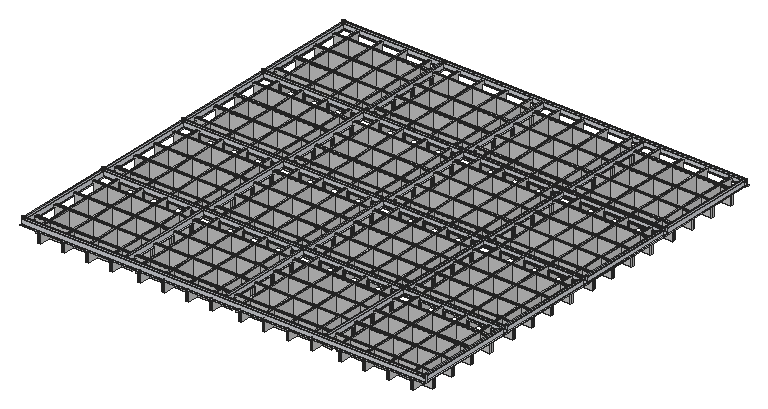
Revit family "GRD-WFL-001_RFA", category Modelos genéricos, Revit 2022 (continued)
Forms (in)
  Extrusion 477, solid, not visible
    sketch origin (-32.38338, 0.00149, -1.20924) x (0, 1, 0) y (0, 0, -1)
      loop
        line (0.96881, 1.14538) -> (0.96881, -1.85462) -> (0.65631, -1.85462) -> (0.65631, -2.35462) -> (0.96881, -2.35462) -> (3.48948, -2.35462) -> (3.48948, -0.60462) -> (4.19814, -0.60462) -> (4.19814, -2.35462) -> (9.23948, -2.35462) -> (9.23948, -0.60462) -> (9.94814, -0.60462) -> (9.94814, -2.35462) -> (14.98948, -2.35462) -> (14.98948, -0.60462) -> (15.69814, -0.60462) -> (15.69814, -2.35462) -> (20.73948, -2.35462) -> (20.73948, -0.60462) -> (21.44814, -0.60462) -> (21.44814, -2.35462) -> (24.28131, -2.35462) -> (24.28131, -1.85462) -> (23.96881, -1.85462) -> (23.96881, 1.14538) -> (0.96881, 1.14538)
    from -3.96341 to -3.49097
  Extrusion 478, solid, not visible
    sketch origin (-26.63338, 0.00149, -1.20924) x (0, 1, 0) y (0, 0, -1)
      loop
        line (0.96881, 1.14538) -> (0.96881, -1.85462) -> (0.65631, -1.85462) -> (0.65631, -2.35462) -> (0.96881, -2.35462) -> (3.48948, -2.35462) -> (3.48948, -0.60462) -> (4.19814, -0.60462) -> (4.19814, -2.35462) -> (9.23948, -2.35462) -> (9.23948, -0.60462) -> (9.94814, -0.60462) -> (9.94814, -2.35462) -> (14.98948, -2.35462) -> (14.98948, -0.60462) -> (15.69814, -0.60462) -> (15.69814, -2.35462) -> (20.73948, -2.35462) -> (20.73948, -0.60462) -> (21.44814, -0.60462) -> (21.44814, -2.35462) -> (24.28131, -2.35462) -> (24.28131, -1.85462) -> (23.96881, -1.85462) -> (23.96881, 1.14538) -> (0.96881, 1.14538)
    from -3.96341 to -3.49097
  Extrusion 479, solid
    sketch origin (-0.00019, 47.99851, 0) x (1, 0, 0) y (0, 0, 1)
      loop
        line (0.96881, 0.64538) -> (0.96881, -2.35462) -> (3.48948, -2.35462) -> (3.48948, -0.60462) -> (4.19814, -0.60462) -> (4.19814, -2.35462) -> (9.23948, -2.35462) -> (9.23948, -0.60462) -> (9.94814, -0.60462) -> (9.94814, -2.35462) -> (14.98948, -2.35462) -> (14.98948, -0.60462) -> (15.69814, -0.60462) -> (15.69814, -2.35462) -> (20.73948, -2.35462) -> (20.73948, -0.60462) -> (21.44814, -0.60462) -> (21.44814, -2.35462) -> (23.96881, -2.35462) -> (23.96881, 0.64538) -> (24.28131, 0.64538) -> (24.28131, 1.14538) -> (0.65631, 1.14538) -> (0.65631, 0.64538) -> (0.96881, 0.64538)
    from -3.60908 to -3.49097
  Extrusion 480, solid
    sketch origin (-0.00019, 47.99851, 0) x (1, 0, 0) y (0, 0, 1)
      loop
        line (0.96881, 0.64538) -> (0.96881, -2.35462) -> (3.48948, -2.35462) -> (3.48948, -0.60462) -> (4.19814, -0.60462) -> (4.19814, -2.35462) -> (9.23948, -2.35462) -> (9.23948, -0.60462) -> (9.94814, -0.60462) -> (9.94814, -2.35462) -> (14.98948, -2.35462) -> (14.98948, -0.60462) -> (15.69814, -0.60462) -> (15.69814, -2.35462) -> (20.73948, -2.35462) -> (20.73948, -0.60462) -> (21.44814, -0.60462) -> (21.44814, -2.35462) -> (23.96881, -2.35462) -> (23.96881, 0.64538) -> (24.28131, 0.64538) -> (24.28131, 1.14538) -> (0.65631, 1.14538) -> (0.65631, 0.64538) -> (0.96881, 0.64538)
    from -4.08152 to -3.60908
  Extrusion 481, solid
    sketch origin (-0.00019, 47.99851, 0) x (1, 0, 0) y (0, 0, 1)
      loop
        line (0.96881, 0.64538) -> (0.96881, -2.35462) -> (3.48948, -2.35462) -> (3.48948, -0.60462) -> (4.19814, -0.60462) -> (4.19814, -2.35462) -> (9.23948, -2.35462) -> (9.23948, -0.60462) -> (9.94814, -0.60462) -> (9.94814, -2.35462) -> (14.98948, -2.35462) -> (14.98948, -0.60462) -> (15.69814, -0.60462) -> (15.69814, -2.35462) -> (20.73948, -2.35462) -> (20.73948, -0.60462) -> (21.44814, -0.60462) -> (21.44814, -2.35462) -> (23.96881, -2.35462) -> (23.96881, 0.64538) -> (24.28131, 0.64538) -> (24.28131, 1.14538) -> (0.65631, 1.14538) -> (0.65631, 0.64538) -> (0.96881, 0.64538)
    from -4.19963 to -4.08152
  Extrusion 482, solid
    sketch origin (-0.00168, 47.99999, -1.20924) x (0, 1, 0) y (0, 0, -1)
      loop
        line (0.96881, 1.14538) -> (0.96881, -1.85462) -> (0.65631, -1.85462) -> (0.65631, -2.35462) -> (0.96881, -2.35462) -> (3.48948, -2.35462) -> (3.48948, -0.60462) -> (4.19814, -0.60462) -> (4.19814, -2.35462) -> (9.23948, -2.35462) -> (9.23948, -0.60462) -> (9.94814, -0.60462) -> (9.94814, -2.35462) -> (14.98948, -2.35462) -> (14.98948, -0.60462) -> (15.69814, -0.60462) -> (15.69814, -2.35462) -> (20.73948, -2.35462) -> (20.73948, -0.60462) -> (21.44814, -0.60462) -> (21.44814, -2.35462) -> (24.28131, -2.35462) -> (24.28131, -1.85462) -> (23.96881, -1.85462) -> (23.96881, 1.14538) -> (0.96881, 1.14538)
    from -3.60908 to -3.49097
  Extrusion 483, solid
    sketch origin (0.11643, 47.99999, -1.20924) x (0, 1, 0) y (0, 0, -1)
      loop
        line (0.96881, 1.14538) -> (0.96881, -1.85462) -> (0.65631, -1.85462) -> (0.65631, -2.35462) -> (0.96881, -2.35462) -> (3.48948, -2.35462) -> (3.48948, -0.60462) -> (4.19814, -0.60462) -> (4.19814, -2.35462) -> (9.23948, -2.35462) -> (9.23948, -0.60462) -> (9.94814, -0.60462) -> (9.94814, -2.35462) -> (14.98948, -2.35462) -> (14.98948, -0.60462) -> (15.69814, -0.60462) -> (15.69814, -2.35462) -> (20.73948, -2.35462) -> (20.73948, -0.60462) -> (21.44814, -0.60462) -> (21.44814, -2.35462) -> (24.28131, -2.35462) -> (24.28131, -1.85462) -> (23.96881, -1.85462) -> (23.96881, 1.14538) -> (0.96881, 1.14538)
    from -3.96341 to -3.49097
  Extrusion 484, solid
    sketch origin (-0.00168, 47.99999, -1.20924) x (0, 1, 0) y (0, 0, -1)
      loop
        line (0.96881, 1.14538) -> (0.96881, -1.85462) -> (0.65631, -1.85462) -> (0.65631, -2.35462) -> (0.96881, -2.35462) -> (3.48948, -2.35462) -> (3.48948, -0.60462) -> (4.19814, -0.60462) -> (4.19814, -2.35462) -> (9.23948, -2.35462) -> (9.23948, -0.60462) -> (9.94814, -0.60462) -> (9.94814, -2.35462) -> (14.98948, -2.35462) -> (14.98948, -0.60462) -> (15.69814, -0.60462) -> (15.69814, -2.35462) -> (20.73948, -2.35462) -> (20.73948, -0.60462) -> (21.44814, -0.60462) -> (21.44814, -2.35462) -> (24.28131, -2.35462) -> (24.28131, -1.85462) -> (23.96881, -1.85462) -> (23.96881, 1.14538) -> (0.96881, 1.14538)
    from -4.19963 to -4.08152
  Extrusion 485, solid
    sketch origin (-0.00019, 47.99851, 0) x (1, 0, 0) y (0, 0, 1)
      loop
        line (0.96881, 0.64538) -> (0.96881, -2.35462) -> (3.48948, -2.35462) -> (3.48948, -0.60462) -> (4.19814, -0.60462) -> (4.19814, -2.35462) -> (9.23948, -2.35462) -> (9.23948, -0.60462) -> (9.94814, -0.60462) -> (9.94814, -2.35462) -> (14.98948, -2.35462) -> (14.98948, -0.60462) -> (15.69814, -0.60462) -> (15.69814, -2.35462) -> (20.73948, -2.35462) -> (20.73948, -0.60462) -> (21.44814, -0.60462) -> (21.44814, -2.35462) -> (23.96881, -2.35462) -> (23.96881, 0.64538) -> (24.28131, 0.64538) -> (24.28131, 1.14538) -> (0.65631, 1.14538) -> (0.65631, 0.64538) -> (0.96881, 0.64538)
    from -9.94963 to -9.83152
  Extrusion 486, solid
    sketch origin (-0.00019, 47.99851, 0) x (1, 0, 0) y (0, 0, 1)
      loop
        line (0.96881, 0.64538) -> (0.96881, -2.35462) -> (3.48948, -2.35462) -> (3.48948, -0.60462) -> (4.19814, -0.60462) -> (4.19814, -2.35462) -> (9.23948, -2.35462) -> (9.23948, -0.60462) -> (9.94814, -0.60462) -> (9.94814, -2.35462) -> (14.98948, -2.35462) -> (14.98948, -0.60462) -> (15.69814, -0.60462) -> (15.69814, -2.35462) -> (20.73948, -2.35462) -> (20.73948, -0.60462) -> (21.44814, -0.60462) -> (21.44814, -2.35462) -> (23.96881, -2.35462) -> (23.96881, 0.64538) -> (24.28131, 0.64538) -> (24.28131, 1.14538) -> (0.65631, 1.14538) -> (0.65631, 0.64538) -> (0.96881, 0.64538)
    from -9.35908 to -9.24097
  Extrusion 487, solid
    sketch origin (-0.00019, 47.99851, 0) x (1, 0, 0) y (0, 0, 1)
      loop
        line (0.96881, 0.64538) -> (0.96881, -2.35462) -> (3.48948, -2.35462) -> (3.48948, -0.60462) -> (4.19814, -0.60462) -> (4.19814, -2.35462) -> (9.23948, -2.35462) -> (9.23948, -0.60462) -> (9.94814, -0.60462) -> (9.94814, -2.35462) -> (14.98948, -2.35462) -> (14.98948, -0.60462) -> (15.69814, -0.60462) -> (15.69814, -2.35462) -> (20.73948, -2.35462) -> (20.73948, -0.60462) -> (21.44814, -0.60462) -> (21.44814, -2.35462) -> (23.96881, -2.35462) -> (23.96881, 0.64538) -> (24.28131, 0.64538) -> (24.28131, 1.14538) -> (0.65631, 1.14538) -> (0.65631, 0.64538) -> (0.96881, 0.64538)
    from -9.83152 to -9.35908
  Extrusion 488, solid
    sketch origin (-0.00019, 47.99851, 0) x (1, 0, 0) y (0, 0, 1)
      loop
        line (0.96881, 0.64538) -> (0.96881, -2.35462) -> (3.48948, -2.35462) -> (3.48948, -0.60462) -> (4.19814, -0.60462) -> (4.19814, -2.35462) -> (9.23948, -2.35462) -> (9.23948, -0.60462) -> (9.94814, -0.60462) -> (9.94814, -2.35462) -> (14.98948, -2.35462) -> (14.98948, -0.60462) -> (15.69814, -0.60462) -> (15.69814, -2.35462) -> (20.73948, -2.35462) -> (20.73948, -0.60462) -> (21.44814, -0.60462) -> (21.44814, -2.35462) -> (23.96881, -2.35462) -> (23.96881, 0.64538) -> (24.28131, 0.64538) -> (24.28131, 1.14538) -> (0.65631, 1.14538) -> (0.65631, 0.64538) -> (0.96881, 0.64538)
    from -15.69963 to -15.58152
  Extrusion 489, solid
    sketch origin (-0.00019, 47.99851, 0) x (1, 0, 0) y (0, 0, 1)
      loop
        line (0.96881, 0.64538) -> (0.96881, -2.35462) -> (3.48948, -2.35462) -> (3.48948, -0.60462) -> (4.19814, -0.60462) -> (4.19814, -2.35462) -> (9.23948, -2.35462) -> (9.23948, -0.60462) -> (9.94814, -0.60462) -> (9.94814, -2.35462) -> (14.98948, -2.35462) -> (14.98948, -0.60462) -> (15.69814, -0.60462) -> (15.69814, -2.35462) -> (20.73948, -2.35462) -> (20.73948, -0.60462) -> (21.44814, -0.60462) -> (21.44814, -2.35462) -> (23.96881, -2.35462) -> (23.96881, 0.64538) -> (24.28131, 0.64538) -> (24.28131, 1.14538) -> (0.65631, 1.14538) -> (0.65631, 0.64538) -> (0.96881, 0.64538)
    from -15.10908 to -14.99097
  Extrusion 490, solid
    sketch origin (-0.00019, 47.99851, 0) x (1, 0, 0) y (0, 0, 1)
      loop
        line (0.96881, 0.64538) -> (0.96881, -2.35462) -> (3.48948, -2.35462) -> (3.48948, -0.60462) -> (4.19814, -0.60462) -> (4.19814, -2.35462) -> (9.23948, -2.35462) -> (9.23948, -0.60462) -> (9.94814, -0.60462) -> (9.94814, -2.35462) -> (14.98948, -2.35462) -> (14.98948, -0.60462) -> (15.69814, -0.60462) -> (15.69814, -2.35462) -> (20.73948, -2.35462) -> (20.73948, -0.60462) -> (21.44814, -0.60462) -> (21.44814, -2.35462) -> (23.96881, -2.35462) -> (23.96881, 0.64538) -> (24.28131, 0.64538) -> (24.28131, 1.14538) -> (0.65631, 1.14538) -> (0.65631, 0.64538) -> (0.96881, 0.64538)
    from -15.58152 to -15.10908
  Extrusion 491, solid
    sketch origin (-0.00019, 47.99851, 0) x (1, 0, 0) y (0, 0, 1)
      loop
        line (0.96881, 0.64538) -> (0.96881, -2.35462) -> (3.48948, -2.35462) -> (3.48948, -0.60462) -> (4.19814, -0.60462) -> (4.19814, -2.35462) -> (9.23948, -2.35462) -> (9.23948, -0.60462) -> (9.94814, -0.60462) -> (9.94814, -2.35462) -> (14.98948, -2.35462) -> (14.98948, -0.60462) -> (15.69814, -0.60462) -> (15.69814, -2.35462) -> (20.73948, -2.35462) -> (20.73948, -0.60462) -> (21.44814, -0.60462) -> (21.44814, -2.35462) -> (23.96881, -2.35462) -> (23.96881, 0.64538) -> (24.28131, 0.64538) -> (24.28131, 1.14538) -> (0.65631, 1.14538) -> (0.65631, 0.64538) -> (0.96881, 0.64538)
    from -21.44963 to -21.33152
  Extrusion 492, solid
    sketch origin (-0.00019, 47.99851, 0) x (1, 0, 0) y (0, 0, 1)
      loop
        line (0.96881, 0.64538) -> (0.96881, -2.35462) -> (3.48948, -2.35462) -> (3.48948, -0.60462) -> (4.19814, -0.60462) -> (4.19814, -2.35462) -> (9.23948, -2.35462) -> (9.23948, -0.60462) -> (9.94814, -0.60462) -> (9.94814, -2.35462) -> (14.98948, -2.35462) -> (14.98948, -0.60462) -> (15.69814, -0.60462) -> (15.69814, -2.35462) -> (20.73948, -2.35462) -> (20.73948, -0.60462) -> (21.44814, -0.60462) -> (21.44814, -2.35462) -> (23.96881, -2.35462) -> (23.96881, 0.64538) -> (24.28131, 0.64538) -> (24.28131, 1.14538) -> (0.65631, 1.14538) -> (0.65631, 0.64538) -> (0.96881, 0.64538)
    from -20.85908 to -20.74097
  Extrusion 493, solid
    sketch origin (-0.00019, 47.99851, 0) x (1, 0, 0) y (0, 0, 1)
      loop
        line (0.96881, 0.64538) -> (0.96881, -2.35462) -> (3.48948, -2.35462) -> (3.48948, -0.60462) -> (4.19814, -0.60462) -> (4.19814, -2.35462) -> (9.23948, -2.35462) -> (9.23948, -0.60462) -> (9.94814, -0.60462) -> (9.94814, -2.35462) -> (14.98948, -2.35462) -> (14.98948, -0.60462) -> (15.69814, -0.60462) -> (15.69814, -2.35462) -> (20.73948, -2.35462) -> (20.73948, -0.60462) -> (21.44814, -0.60462) -> (21.44814, -2.35462) -> (23.96881, -2.35462) -> (23.96881, 0.64538) -> (24.28131, 0.64538) -> (24.28131, 1.14538) -> (0.65631, 1.14538) -> (0.65631, 0.64538) -> (0.96881, 0.64538)
    from -21.33152 to -20.85908
  Extrusion 494, solid
    sketch origin (5.74832, 47.99999, -1.20924) x (0, 1, 0) y (0, 0, -1)
      loop
        line (0.96881, 1.14538) -> (0.96881, -1.85462) -> (0.65631, -1.85462) -> (0.65631, -2.35462) -> (0.96881, -2.35462) -> (3.48948, -2.35462) -> (3.48948, -0.60462) -> (4.19814, -0.60462) -> (4.19814, -2.35462) -> (9.23948, -2.35462) -> (9.23948, -0.60462) -> (9.94814, -0.60462) -> (9.94814, -2.35462) -> (14.98948, -2.35462) -> (14.98948, -0.60462) -> (15.69814, -0.60462) -> (15.69814, -2.35462) -> (20.73948, -2.35462) -> (20.73948, -0.60462) -> (21.44814, -0.60462) -> (21.44814, -2.35462) -> (24.28131, -2.35462) -> (24.28131, -1.85462) -> (23.96881, -1.85462) -> (23.96881, 1.14538) -> (0.96881, 1.14538)
    from -4.19963 to -4.08152
  Extrusion 495, solid
    sketch origin (5.15777, 47.99999, -1.20924) x (0, 1, 0) y (0, 0, -1)
      loop
        line (0.96881, 1.14538) -> (0.96881, -1.85462) -> (0.65631, -1.85462) -> (0.65631, -2.35462) -> (0.96881, -2.35462) -> (3.48948, -2.35462) -> (3.48948, -0.60462) -> (4.19814, -0.60462) -> (4.19814, -2.35462) -> (9.23948, -2.35462) -> (9.23948, -0.60462) -> (9.94814, -0.60462) -> (9.94814, -2.35462) -> (14.98948, -2.35462) -> (14.98948, -0.60462) -> (15.69814, -0.60462) -> (15.69814, -2.35462) -> (20.73948, -2.35462) -> (20.73948, -0.60462) -> (21.44814, -0.60462) -> (21.44814, -2.35462) -> (24.28131, -2.35462) -> (24.28131, -1.85462) -> (23.96881, -1.85462) -> (23.96881, 1.14538) -> (0.96881, 1.14538)
    from -4.19963 to -4.08152
  Extrusion 496, solid
    sketch origin (11.49832, 47.99999, -1.20924) x (0, 1, 0) y (0, 0, -1)
      loop
        line (0.96881, 1.14538) -> (0.96881, -1.85462) -> (0.65631, -1.85462) -> (0.65631, -2.35462) -> (0.96881, -2.35462) -> (3.48948, -2.35462) -> (3.48948, -0.60462) -> (4.19814, -0.60462) -> (4.19814, -2.35462) -> (9.23948, -2.35462) -> (9.23948, -0.60462) -> (9.94814, -0.60462) -> (9.94814, -2.35462) -> (14.98948, -2.35462) -> (14.98948, -0.60462) -> (15.69814, -0.60462) -> (15.69814, -2.35462) -> (20.73948, -2.35462) -> (20.73948, -0.60462) -> (21.44814, -0.60462) -> (21.44814, -2.35462) -> (24.28131, -2.35462) -> (24.28131, -1.85462) -> (23.96881, -1.85462) -> (23.96881, 1.14538) -> (0.96881, 1.14538)
    from -4.19963 to -4.08152
  Extrusion 497, solid
    sketch origin (10.90777, 47.99999, -1.20924) x (0, 1, 0) y (0, 0, -1)
      loop
        line (0.96881, 1.14538) -> (0.96881, -1.85462) -> (0.65631, -1.85462) -> (0.65631, -2.35462) -> (0.96881, -2.35462) -> (3.48948, -2.35462) -> (3.48948, -0.60462) -> (4.19814, -0.60462) -> (4.19814, -2.35462) -> (9.23948, -2.35462) -> (9.23948, -0.60462) -> (9.94814, -0.60462) -> (9.94814, -2.35462) -> (14.98948, -2.35462) -> (14.98948, -0.60462) -> (15.69814, -0.60462) -> (15.69814, -2.35462) -> (20.73948, -2.35462) -> (20.73948, -0.60462) -> (21.44814, -0.60462) -> (21.44814, -2.35462) -> (24.28131, -2.35462) -> (24.28131, -1.85462) -> (23.96881, -1.85462) -> (23.96881, 1.14538) -> (0.96881, 1.14538)
    from -4.19963 to -4.08152
  Extrusion 498, solid
    sketch origin (16.65777, 47.99999, -1.20924) x (0, 1, 0) y (0, 0, -1)
      loop
        line (0.96881, 1.14538) -> (0.96881, -1.85462) -> (0.65631, -1.85462) -> (0.65631, -2.35462) -> (0.96881, -2.35462) -> (3.48948, -2.35462) -> (3.48948, -0.60462) -> (4.19814, -0.60462) -> (4.19814, -2.35462) -> (9.23948, -2.35462) -> (9.23948, -0.60462) -> (9.94814, -0.60462) -> (9.94814, -2.35462) -> (14.98948, -2.35462) -> (14.98948, -0.60462) -> (15.69814, -0.60462) -> (15.69814, -2.35462) -> (20.73948, -2.35462) -> (20.73948, -0.60462) -> (21.44814, -0.60462) -> (21.44814, -2.35462) -> (24.28131, -2.35462) -> (24.28131, -1.85462) -> (23.96881, -1.85462) -> (23.96881, 1.14538) -> (0.96881, 1.14538)
    from -4.19963 to -4.08152
  Extrusion 499, solid
    sketch origin (17.24832, 47.99999, -1.20924) x (0, 1, 0) y (0, 0, -1)
      loop
        line (0.96881, 1.14538) -> (0.96881, -1.85462) -> (0.65631, -1.85462) -> (0.65631, -2.35462) -> (0.96881, -2.35462) -> (3.48948, -2.35462) -> (3.48948, -0.60462) -> (4.19814, -0.60462) -> (4.19814, -2.35462) -> (9.23948, -2.35462) -> (9.23948, -0.60462) -> (9.94814, -0.60462) -> (9.94814, -2.35462) -> (14.98948, -2.35462) -> (14.98948, -0.60462) -> (15.69814, -0.60462) -> (15.69814, -2.35462) -> (20.73948, -2.35462) -> (20.73948, -0.60462) -> (21.44814, -0.60462) -> (21.44814, -2.35462) -> (24.28131, -2.35462) -> (24.28131, -1.85462) -> (23.96881, -1.85462) -> (23.96881, 1.14538) -> (0.96881, 1.14538)
    from -4.19963 to -4.08152
  Extrusion 500, solid
    sketch origin (5.86643, 47.99999, -1.20924) x (0, 1, 0) y (0, 0, -1)
      loop
        line (0.96881, 1.14538) -> (0.96881, -1.85462) -> (0.65631, -1.85462) -> (0.65631, -2.35462) -> (0.96881, -2.35462) -> (3.48948, -2.35462) -> (3.48948, -0.60462) -> (4.19814, -0.60462) -> (4.19814, -2.35462) -> (9.23948, -2.35462) -> (9.23948, -0.60462) -> (9.94814, -0.60462) -> (9.94814, -2.35462) -> (14.98948, -2.35462) -> (14.98948, -0.60462) -> (15.69814, -0.60462) -> (15.69814, -2.35462) -> (20.73948, -2.35462) -> (20.73948, -0.60462) -> (21.44814, -0.60462) -> (21.44814, -2.35462) -> (24.28131, -2.35462) -> (24.28131, -1.85462) -> (23.96881, -1.85462) -> (23.96881, 1.14538) -> (0.96881, 1.14538)
    from -3.96341 to -3.49097
  Extrusion 501, solid
    sketch origin (11.61643, 47.99999, -1.20924) x (0, 1, 0) y (0, 0, -1)
      loop
        line (0.96881, 1.14538) -> (0.96881, -1.85462) -> (0.65631, -1.85462) -> (0.65631, -2.35462) -> (0.96881, -2.35462) -> (3.48948, -2.35462) -> (3.48948, -0.60462) -> (4.19814, -0.60462) -> (4.19814, -2.35462) -> (9.23948, -2.35462) -> (9.23948, -0.60462) -> (9.94814, -0.60462) -> (9.94814, -2.35462) -> (14.98948, -2.35462) -> (14.98948, -0.60462) -> (15.69814, -0.60462) -> (15.69814, -2.35462) -> (20.73948, -2.35462) -> (20.73948, -0.60462) -> (21.44814, -0.60462) -> (21.44814, -2.35462) -> (24.28131, -2.35462) -> (24.28131, -1.85462) -> (23.96881, -1.85462) -> (23.96881, 1.14538) -> (0.96881, 1.14538)
    from -3.96341 to -3.49097
  Extrusion 502, solid
    sketch origin (17.36643, 47.99999, -1.20924) x (0, 1, 0) y (0, 0, -1)
      loop
        line (0.96881, 1.14538) -> (0.96881, -1.85462) -> (0.65631, -1.85462) -> (0.65631, -2.35462) -> (0.96881, -2.35462) -> (3.48948, -2.35462) -> (3.48948, -0.60462) -> (4.19814, -0.60462) -> (4.19814, -2.35462) -> (9.23948, -2.35462) -> (9.23948, -0.60462) -> (9.94814, -0.60462) -> (9.94814, -2.35462) -> (14.98948, -2.35462) -> (14.98948, -0.60462) -> (15.69814, -0.60462) -> (15.69814, -2.35462) -> (20.73948, -2.35462) -> (20.73948, -0.60462) -> (21.44814, -0.60462) -> (21.44814, -2.35462) -> (24.28131, -2.35462) -> (24.28131, -1.85462) -> (23.96881, -1.85462) -> (23.96881, 1.14538) -> (0.96881, 1.14538)
    from -3.96341 to -3.49097
  Extrusion 503, solid
    sketch origin (-0.00019, 71.99679, 0) x (1, 0, 0) y (0, 0, 1)
      loop
        line (0.96881, 0.64538) -> (0.96881, -2.35462) -> (3.48948, -2.35462) -> (3.48948, -0.60462) -> (4.19814, -0.60462) -> (4.19814, -2.35462) -> (9.23948, -2.35462) -> (9.23948, -0.60462) -> (9.94814, -0.60462) -> (9.94814, -2.35462) -> (14.98948, -2.35462) -> (14.98948, -0.60462) -> (15.69814, -0.60462) -> (15.69814, -2.35462) -> (20.73948, -2.35462) -> (20.73948, -0.60462) -> (21.44814, -0.60462) -> (21.44814, -2.35462) -> (23.96881, -2.35462) -> (23.96881, 0.64538) -> (24.28131, 0.64538) -> (24.28131, 1.14538) -> (0.65631, 1.14538) -> (0.65631, 0.64538) -> (0.96881, 0.64538)
    from -3.60908 to -3.49097
  Extrusion 504, solid
    sketch origin (-0.00019, 71.99679, 0) x (1, 0, 0) y (0, 0, 1)
      loop
        line (0.96881, 0.64538) -> (0.96881, -2.35462) -> (3.48948, -2.35462) -> (3.48948, -0.60462) -> (4.19814, -0.60462) -> (4.19814, -2.35462) -> (9.23948, -2.35462) -> (9.23948, -0.60462) -> (9.94814, -0.60462) -> (9.94814, -2.35462) -> (14.98948, -2.35462) -> (14.98948, -0.60462) -> (15.69814, -0.60462) -> (15.69814, -2.35462) -> (20.73948, -2.35462) -> (20.73948, -0.60462) -> (21.44814, -0.60462) -> (21.44814, -2.35462) -> (23.96881, -2.35462) -> (23.96881, 0.64538) -> (24.28131, 0.64538) -> (24.28131, 1.14538) -> (0.65631, 1.14538) -> (0.65631, 0.64538) -> (0.96881, 0.64538)
    from -4.08152 to -3.60908
  Extrusion 505, solid
    sketch origin (-0.00019, 71.99679, 0) x (1, 0, 0) y (0, 0, 1)
      loop
        line (0.96881, 0.64538) -> (0.96881, -2.35462) -> (3.48948, -2.35462) -> (3.48948, -0.60462) -> (4.19814, -0.60462) -> (4.19814, -2.35462) -> (9.23948, -2.35462) -> (9.23948, -0.60462) -> (9.94814, -0.60462) -> (9.94814, -2.35462) -> (14.98948, -2.35462) -> (14.98948, -0.60462) -> (15.69814, -0.60462) -> (15.69814, -2.35462) -> (20.73948, -2.35462) -> (20.73948, -0.60462) -> (21.44814, -0.60462) -> (21.44814, -2.35462) -> (23.96881, -2.35462) -> (23.96881, 0.64538) -> (24.28131, 0.64538) -> (24.28131, 1.14538) -> (0.65631, 1.14538) -> (0.65631, 0.64538) -> (0.96881, 0.64538)
    from -4.19963 to -4.08152
  Extrusion 506, solid
    sketch origin (-0.00168, 71.99827, -1.20924) x (0, 1, 0) y (0, 0, -1)
      loop
        line (0.96881, 1.14538) -> (0.96881, -1.85462) -> (0.65631, -1.85462) -> (0.65631, -2.35462) -> (0.96881, -2.35462) -> (3.48948, -2.35462) -> (3.48948, -0.60462) -> (4.19814, -0.60462) -> (4.19814, -2.35462) -> (9.23948, -2.35462) -> (9.23948, -0.60462) -> (9.94814, -0.60462) -> (9.94814, -2.35462) -> (14.98948, -2.35462) -> (14.98948, -0.60462) -> (15.69814, -0.60462) -> (15.69814, -2.35462) -> (20.73948, -2.35462) -> (20.73948, -0.60462) -> (21.44814, -0.60462) -> (21.44814, -2.35462) -> (24.28131, -2.35462) -> (24.28131, -1.85462) -> (23.96881, -1.85462) -> (23.96881, 1.14538) -> (0.96881, 1.14538)
    from -3.60908 to -3.49097
  Extrusion 507, solid
    sketch origin (0.11643, 71.99827, -1.20924) x (0, 1, 0) y (0, 0, -1)
      loop
        line (0.96881, 1.14538) -> (0.96881, -1.85462) -> (0.65631, -1.85462) -> (0.65631, -2.35462) -> (0.96881, -2.35462) -> (3.48948, -2.35462) -> (3.48948, -0.60462) -> (4.19814, -0.60462) -> (4.19814, -2.35462) -> (9.23948, -2.35462) -> (9.23948, -0.60462) -> (9.94814, -0.60462) -> (9.94814, -2.35462) -> (14.98948, -2.35462) -> (14.98948, -0.60462) -> (15.69814, -0.60462) -> (15.69814, -2.35462) -> (20.73948, -2.35462) -> (20.73948, -0.60462) -> (21.44814, -0.60462) -> (21.44814, -2.35462) -> (24.28131, -2.35462) -> (24.28131, -1.85462) -> (23.96881, -1.85462) -> (23.96881, 1.14538) -> (0.96881, 1.14538)
    from -3.96341 to -3.49097
  Extrusion 508, solid
    sketch origin (-0.00168, 71.99827, -1.20924) x (0, 1, 0) y (0, 0, -1)
      loop
        line (0.96881, 1.14538) -> (0.96881, -1.85462) -> (0.65631, -1.85462) -> (0.65631, -2.35462) -> (0.96881, -2.35462) -> (3.48948, -2.35462) -> (3.48948, -0.60462) -> (4.19814, -0.60462) -> (4.19814, -2.35462) -> (9.23948, -2.35462) -> (9.23948, -0.60462) -> (9.94814, -0.60462) -> (9.94814, -2.35462) -> (14.98948, -2.35462) -> (14.98948, -0.60462) -> (15.69814, -0.60462) -> (15.69814, -2.35462) -> (20.73948, -2.35462) -> (20.73948, -0.60462) -> (21.44814, -0.60462) -> (21.44814, -2.35462) -> (24.28131, -2.35462) -> (24.28131, -1.85462) -> (23.96881, -1.85462) -> (23.96881, 1.14538) -> (0.96881, 1.14538)
    from -4.19963 to -4.08152
  Extrusion 509, solid
    sketch origin (-0.00019, 71.99679, 0) x (1, 0, 0) y (0, 0, 1)
      loop
        line (0.96881, 0.64538) -> (0.96881, -2.35462) -> (3.48948, -2.35462) -> (3.48948, -0.60462) -> (4.19814, -0.60462) -> (4.19814, -2.35462) -> (9.23948, -2.35462) -> (9.23948, -0.60462) -> (9.94814, -0.60462) -> (9.94814, -2.35462) -> (14.98948, -2.35462) -> (14.98948, -0.60462) -> (15.69814, -0.60462) -> (15.69814, -2.35462) -> (20.73948, -2.35462) -> (20.73948, -0.60462) -> (21.44814, -0.60462) -> (21.44814, -2.35462) -> (23.96881, -2.35462) -> (23.96881, 0.64538) -> (24.28131, 0.64538) -> (24.28131, 1.14538) -> (0.65631, 1.14538) -> (0.65631, 0.64538) -> (0.96881, 0.64538)
    from -9.94963 to -9.83152
  Extrusion 510, solid
    sketch origin (-0.00019, 71.99679, 0) x (1, 0, 0) y (0, 0, 1)
      loop
        line (0.96881, 0.64538) -> (0.96881, -2.35462) -> (3.48948, -2.35462) -> (3.48948, -0.60462) -> (4.19814, -0.60462) -> (4.19814, -2.35462) -> (9.23948, -2.35462) -> (9.23948, -0.60462) -> (9.94814, -0.60462) -> (9.94814, -2.35462) -> (14.98948, -2.35462) -> (14.98948, -0.60462) -> (15.69814, -0.60462) -> (15.69814, -2.35462) -> (20.73948, -2.35462) -> (20.73948, -0.60462) -> (21.44814, -0.60462) -> (21.44814, -2.35462) -> (23.96881, -2.35462) -> (23.96881, 0.64538) -> (24.28131, 0.64538) -> (24.28131, 1.14538) -> (0.65631, 1.14538) -> (0.65631, 0.64538) -> (0.96881, 0.64538)
    from -9.35908 to -9.24097
  Extrusion 511, solid
    sketch origin (-0.00019, 71.99679, 0) x (1, 0, 0) y (0, 0, 1)
      loop
        line (0.96881, 0.64538) -> (0.96881, -2.35462) -> (3.48948, -2.35462) -> (3.48948, -0.60462) -> (4.19814, -0.60462) -> (4.19814, -2.35462) -> (9.23948, -2.35462) -> (9.23948, -0.60462) -> (9.94814, -0.60462) -> (9.94814, -2.35462) -> (14.98948, -2.35462) -> (14.98948, -0.60462) -> (15.69814, -0.60462) -> (15.69814, -2.35462) -> (20.73948, -2.35462) -> (20.73948, -0.60462) -> (21.44814, -0.60462) -> (21.44814, -2.35462) -> (23.96881, -2.35462) -> (23.96881, 0.64538) -> (24.28131, 0.64538) -> (24.28131, 1.14538) -> (0.65631, 1.14538) -> (0.65631, 0.64538) -> (0.96881, 0.64538)
    from -9.83152 to -9.35908
  Extrusion 512, solid
    sketch origin (-0.00019, 71.99679, 0) x (1, 0, 0) y (0, 0, 1)
      loop
        line (0.96881, 0.64538) -> (0.96881, -2.35462) -> (3.48948, -2.35462) -> (3.48948, -0.60462) -> (4.19814, -0.60462) -> (4.19814, -2.35462) -> (9.23948, -2.35462) -> (9.23948, -0.60462) -> (9.94814, -0.60462) -> (9.94814, -2.35462) -> (14.98948, -2.35462) -> (14.98948, -0.60462) -> (15.69814, -0.60462) -> (15.69814, -2.35462) -> (20.73948, -2.35462) -> (20.73948, -0.60462) -> (21.44814, -0.60462) -> (21.44814, -2.35462) -> (23.96881, -2.35462) -> (23.96881, 0.64538) -> (24.28131, 0.64538) -> (24.28131, 1.14538) -> (0.65631, 1.14538) -> (0.65631, 0.64538) -> (0.96881, 0.64538)
    from -15.69963 to -15.58152
  Extrusion 513, solid
    sketch origin (-0.00019, 71.99679, 0) x (1, 0, 0) y (0, 0, 1)
      loop
        line (0.96881, 0.64538) -> (0.96881, -2.35462) -> (3.48948, -2.35462) -> (3.48948, -0.60462) -> (4.19814, -0.60462) -> (4.19814, -2.35462) -> (9.23948, -2.35462) -> (9.23948, -0.60462) -> (9.94814, -0.60462) -> (9.94814, -2.35462) -> (14.98948, -2.35462) -> (14.98948, -0.60462) -> (15.69814, -0.60462) -> (15.69814, -2.35462) -> (20.73948, -2.35462) -> (20.73948, -0.60462) -> (21.44814, -0.60462) -> (21.44814, -2.35462) -> (23.96881, -2.35462) -> (23.96881, 0.64538) -> (24.28131, 0.64538) -> (24.28131, 1.14538) -> (0.65631, 1.14538) -> (0.65631, 0.64538) -> (0.96881, 0.64538)
    from -15.10908 to -14.99097
  Extrusion 514, solid
    sketch origin (-0.00019, 71.99679, 0) x (1, 0, 0) y (0, 0, 1)
      loop
        line (0.96881, 0.64538) -> (0.96881, -2.35462) -> (3.48948, -2.35462) -> (3.48948, -0.60462) -> (4.19814, -0.60462) -> (4.19814, -2.35462) -> (9.23948, -2.35462) -> (9.23948, -0.60462) -> (9.94814, -0.60462) -> (9.94814, -2.35462) -> (14.98948, -2.35462) -> (14.98948, -0.60462) -> (15.69814, -0.60462) -> (15.69814, -2.35462) -> (20.73948, -2.35462) -> (20.73948, -0.60462) -> (21.44814, -0.60462) -> (21.44814, -2.35462) -> (23.96881, -2.35462) -> (23.96881, 0.64538) -> (24.28131, 0.64538) -> (24.28131, 1.14538) -> (0.65631, 1.14538) -> (0.65631, 0.64538) -> (0.96881, 0.64538)
    from -15.58152 to -15.10908
  Extrusion 515, solid
    sketch origin (-0.00019, 71.99679, 0) x (1, 0, 0) y (0, 0, 1)
      loop
        line (0.96881, 0.64538) -> (0.96881, -2.35462) -> (3.48948, -2.35462) -> (3.48948, -0.60462) -> (4.19814, -0.60462) -> (4.19814, -2.35462) -> (9.23948, -2.35462) -> (9.23948, -0.60462) -> (9.94814, -0.60462) -> (9.94814, -2.35462) -> (14.98948, -2.35462) -> (14.98948, -0.60462) -> (15.69814, -0.60462) -> (15.69814, -2.35462) -> (20.73948, -2.35462) -> (20.73948, -0.60462) -> (21.44814, -0.60462) -> (21.44814, -2.35462) -> (23.96881, -2.35462) -> (23.96881, 0.64538) -> (24.28131, 0.64538) -> (24.28131, 1.14538) -> (0.65631, 1.14538) -> (0.65631, 0.64538) -> (0.96881, 0.64538)
    from -21.44963 to -21.33152
  Extrusion 516, solid
    sketch origin (-0.00019, 71.99679, 0) x (1, 0, 0) y (0, 0, 1)
      loop
        line (0.96881, 0.64538) -> (0.96881, -2.35462) -> (3.48948, -2.35462) -> (3.48948, -0.60462) -> (4.19814, -0.60462) -> (4.19814, -2.35462) -> (9.23948, -2.35462) -> (9.23948, -0.60462) -> (9.94814, -0.60462) -> (9.94814, -2.35462) -> (14.98948, -2.35462) -> (14.98948, -0.60462) -> (15.69814, -0.60462) -> (15.69814, -2.35462) -> (20.73948, -2.35462) -> (20.73948, -0.60462) -> (21.44814, -0.60462) -> (21.44814, -2.35462) -> (23.96881, -2.35462) -> (23.96881, 0.64538) -> (24.28131, 0.64538) -> (24.28131, 1.14538) -> (0.65631, 1.14538) -> (0.65631, 0.64538) -> (0.96881, 0.64538)
    from -20.85908 to -20.74097
  Extrusion 517, solid
    sketch origin (-0.00019, 71.99679, 0) x (1, 0, 0) y (0, 0, 1)
      loop
        line (0.96881, 0.64538) -> (0.96881, -2.35462) -> (3.48948, -2.35462) -> (3.48948, -0.60462) -> (4.19814, -0.60462) -> (4.19814, -2.35462) -> (9.23948, -2.35462) -> (9.23948, -0.60462) -> (9.94814, -0.60462) -> (9.94814, -2.35462) -> (14.98948, -2.35462) -> (14.98948, -0.60462) -> (15.69814, -0.60462) -> (15.69814, -2.35462) -> (20.73948, -2.35462) -> (20.73948, -0.60462) -> (21.44814, -0.60462) -> (21.44814, -2.35462) -> (23.96881, -2.35462) -> (23.96881, 0.64538) -> (24.28131, 0.64538) -> (24.28131, 1.14538) -> (0.65631, 1.14538) -> (0.65631, 0.64538) -> (0.96881, 0.64538)
    from -21.33152 to -20.85908
  Extrusion 518, solid
    sketch origin (5.74832, 71.99827, -1.20924) x (0, 1, 0) y (0, 0, -1)
      loop
        line (0.96881, 1.14538) -> (0.96881, -1.85462) -> (0.65631, -1.85462) -> (0.65631, -2.35462) -> (0.96881, -2.35462) -> (3.48948, -2.35462) -> (3.48948, -0.60462) -> (4.19814, -0.60462) -> (4.19814, -2.35462) -> (9.23948, -2.35462) -> (9.23948, -0.60462) -> (9.94814, -0.60462) -> (9.94814, -2.35462) -> (14.98948, -2.35462) -> (14.98948, -0.60462) -> (15.69814, -0.60462) -> (15.69814, -2.35462) -> (20.73948, -2.35462) -> (20.73948, -0.60462) -> (21.44814, -0.60462) -> (21.44814, -2.35462) -> (24.28131, -2.35462) -> (24.28131, -1.85462) -> (23.96881, -1.85462) -> (23.96881, 1.14538) -> (0.96881, 1.14538)
    from -4.19963 to -4.08152
  Extrusion 519, solid
    sketch origin (5.15777, 71.99827, -1.20924) x (0, 1, 0) y (0, 0, -1)
      loop
        line (0.96881, 1.14538) -> (0.96881, -1.85462) -> (0.65631, -1.85462) -> (0.65631, -2.35462) -> (0.96881, -2.35462) -> (3.48948, -2.35462) -> (3.48948, -0.60462) -> (4.19814, -0.60462) -> (4.19814, -2.35462) -> (9.23948, -2.35462) -> (9.23948, -0.60462) -> (9.94814, -0.60462) -> (9.94814, -2.35462) -> (14.98948, -2.35462) -> (14.98948, -0.60462) -> (15.69814, -0.60462) -> (15.69814, -2.35462) -> (20.73948, -2.35462) -> (20.73948, -0.60462) -> (21.44814, -0.60462) -> (21.44814, -2.35462) -> (24.28131, -2.35462) -> (24.28131, -1.85462) -> (23.96881, -1.85462) -> (23.96881, 1.14538) -> (0.96881, 1.14538)
    from -4.19963 to -4.08152
  Extrusion 520, solid
    sketch origin (11.49832, 71.99827, -1.20924) x (0, 1, 0) y (0, 0, -1)
      loop
        line (0.96881, 1.14538) -> (0.96881, -1.85462) -> (0.65631, -1.85462) -> (0.65631, -2.35462) -> (0.96881, -2.35462) -> (3.48948, -2.35462) -> (3.48948, -0.60462) -> (4.19814, -0.60462) -> (4.19814, -2.35462) -> (9.23948, -2.35462) -> (9.23948, -0.60462) -> (9.94814, -0.60462) -> (9.94814, -2.35462) -> (14.98948, -2.35462) -> (14.98948, -0.60462) -> (15.69814, -0.60462) -> (15.69814, -2.35462) -> (20.73948, -2.35462) -> (20.73948, -0.60462) -> (21.44814, -0.60462) -> (21.44814, -2.35462) -> (24.28131, -2.35462) -> (24.28131, -1.85462) -> (23.96881, -1.85462) -> (23.96881, 1.14538) -> (0.96881, 1.14538)
    from -4.19963 to -4.08152
  Extrusion 521, solid
    sketch origin (10.90777, 71.99827, -1.20924) x (0, 1, 0) y (0, 0, -1)
      loop
        line (0.96881, 1.14538) -> (0.96881, -1.85462) -> (0.65631, -1.85462) -> (0.65631, -2.35462) -> (0.96881, -2.35462) -> (3.48948, -2.35462) -> (3.48948, -0.60462) -> (4.19814, -0.60462) -> (4.19814, -2.35462) -> (9.23948, -2.35462) -> (9.23948, -0.60462) -> (9.94814, -0.60462) -> (9.94814, -2.35462) -> (14.98948, -2.35462) -> (14.98948, -0.60462) -> (15.69814, -0.60462) -> (15.69814, -2.35462) -> (20.73948, -2.35462) -> (20.73948, -0.60462) -> (21.44814, -0.60462) -> (21.44814, -2.35462) -> (24.28131, -2.35462) -> (24.28131, -1.85462) -> (23.96881, -1.85462) -> (23.96881, 1.14538) -> (0.96881, 1.14538)
    from -4.19963 to -4.08152
  Extrusion 522, solid
    sketch origin (16.65777, 71.99827, -1.20924) x (0, 1, 0) y (0, 0, -1)
      loop
        line (0.96881, 1.14538) -> (0.96881, -1.85462) -> (0.65631, -1.85462) -> (0.65631, -2.35462) -> (0.96881, -2.35462) -> (3.48948, -2.35462) -> (3.48948, -0.60462) -> (4.19814, -0.60462) -> (4.19814, -2.35462) -> (9.23948, -2.35462) -> (9.23948, -0.60462) -> (9.94814, -0.60462) -> (9.94814, -2.35462) -> (14.98948, -2.35462) -> (14.98948, -0.60462) -> (15.69814, -0.60462) -> (15.69814, -2.35462) -> (20.73948, -2.35462) -> (20.73948, -0.60462) -> (21.44814, -0.60462) -> (21.44814, -2.35462) -> (24.28131, -2.35462) -> (24.28131, -1.85462) -> (23.96881, -1.85462) -> (23.96881, 1.14538) -> (0.96881, 1.14538)
    from -4.19963 to -4.08152
  Extrusion 523, solid
    sketch origin (17.24832, 71.99827, -1.20924) x (0, 1, 0) y (0, 0, -1)
      loop
        line (0.96881, 1.14538) -> (0.96881, -1.85462) -> (0.65631, -1.85462) -> (0.65631, -2.35462) -> (0.96881, -2.35462) -> (3.48948, -2.35462) -> (3.48948, -0.60462) -> (4.19814, -0.60462) -> (4.19814, -2.35462) -> (9.23948, -2.35462) -> (9.23948, -0.60462) -> (9.94814, -0.60462) -> (9.94814, -2.35462) -> (14.98948, -2.35462) -> (14.98948, -0.60462) -> (15.69814, -0.60462) -> (15.69814, -2.35462) -> (20.73948, -2.35462) -> (20.73948, -0.60462) -> (21.44814, -0.60462) -> (21.44814, -2.35462) -> (24.28131, -2.35462) -> (24.28131, -1.85462) -> (23.96881, -1.85462) -> (23.96881, 1.14538) -> (0.96881, 1.14538)
    from -4.19963 to -4.08152
  Extrusion 524, solid
    sketch origin (5.86643, 71.99827, -1.20924) x (0, 1, 0) y (0, 0, -1)
      loop
        line (0.96881, 1.14538) -> (0.96881, -1.85462) -> (0.65631, -1.85462) -> (0.65631, -2.35462) -> (0.96881, -2.35462) -> (3.48948, -2.35462) -> (3.48948, -0.60462) -> (4.19814, -0.60462) -> (4.19814, -2.35462) -> (9.23948, -2.35462) -> (9.23948, -0.60462) -> (9.94814, -0.60462) -> (9.94814, -2.35462) -> (14.98948, -2.35462) -> (14.98948, -0.60462) -> (15.69814, -0.60462) -> (15.69814, -2.35462) -> (20.73948, -2.35462) -> (20.73948, -0.60462) -> (21.44814, -0.60462) -> (21.44814, -2.35462) -> (24.28131, -2.35462) -> (24.28131, -1.85462) -> (23.96881, -1.85462) -> (23.96881, 1.14538) -> (0.96881, 1.14538)
    from -3.96341 to -3.49097
  Extrusion 525, solid
    sketch origin (11.61643, 71.99827, -1.20924) x (0, 1, 0) y (0, 0, -1)
      loop
        line (0.96881, 1.14538) -> (0.96881, -1.85462) -> (0.65631, -1.85462) -> (0.65631, -2.35462) -> (0.96881, -2.35462) -> (3.48948, -2.35462) -> (3.48948, -0.60462) -> (4.19814, -0.60462) -> (4.19814, -2.35462) -> (9.23948, -2.35462) -> (9.23948, -0.60462) -> (9.94814, -0.60462) -> (9.94814, -2.35462) -> (14.98948, -2.35462) -> (14.98948, -0.60462) -> (15.69814, -0.60462) -> (15.69814, -2.35462) -> (20.73948, -2.35462) -> (20.73948, -0.60462) -> (21.44814, -0.60462) -> (21.44814, -2.35462) -> (24.28131, -2.35462) -> (24.28131, -1.85462) -> (23.96881, -1.85462) -> (23.96881, 1.14538) -> (0.96881, 1.14538)
    from -3.96341 to -3.49097
  Extrusion 526, solid
    sketch origin (17.36643, 71.99827, -1.20924) x (0, 1, 0) y (0, 0, -1)
      loop
        line (0.96881, 1.14538) -> (0.96881, -1.85462) -> (0.65631, -1.85462) -> (0.65631, -2.35462) -> (0.96881, -2.35462) -> (3.48948, -2.35462) -> (3.48948, -0.60462) -> (4.19814, -0.60462) -> (4.19814, -2.35462) -> (9.23948, -2.35462) -> (9.23948, -0.60462) -> (9.94814, -0.60462) -> (9.94814, -2.35462) -> (14.98948, -2.35462) -> (14.98948, -0.60462) -> (15.69814, -0.60462) -> (15.69814, -2.35462) -> (20.73948, -2.35462) -> (20.73948, -0.60462) -> (21.44814, -0.60462) -> (21.44814, -2.35462) -> (24.28131, -2.35462) -> (24.28131, -1.85462) -> (23.96881, -1.85462) -> (23.96881, 1.14538) -> (0.96881, 1.14538)
    from -3.96341 to -3.49097
  Extrusion 527, solid
    sketch origin (24.00217, 23.99679, 0) x (1, 0, 0) y (0, 0, 1)
      loop
        line (0.96881, 0.64538) -> (0.96881, -2.35462) -> (3.48948, -2.35462) -> (3.48948, -0.60462) -> (4.19814, -0.60462) -> (4.19814, -2.35462) -> (9.23948, -2.35462) -> (9.23948, -0.60462) -> (9.94814, -0.60462) -> (9.94814, -2.35462) -> (14.98948, -2.35462) -> (14.98948, -0.60462) -> (15.69814, -0.60462) -> (15.69814, -2.35462) -> (20.73948, -2.35462) -> (20.73948, -0.60462) -> (21.44814, -0.60462) -> (21.44814, -2.35462) -> (23.96881, -2.35462) -> (23.96881, 0.64538) -> (24.28131, 0.64538) -> (24.28131, 1.14538) -> (0.65631, 1.14538) -> (0.65631, 0.64538) -> (0.96881, 0.64538)
    from -3.60908 to -3.49097
  Extrusion 528, solid
    sketch origin (24.00217, 23.99679, 0) x (1, 0, 0) y (0, 0, 1)
      loop
        line (0.96881, 0.64538) -> (0.96881, -2.35462) -> (3.48948, -2.35462) -> (3.48948, -0.60462) -> (4.19814, -0.60462) -> (4.19814, -2.35462) -> (9.23948, -2.35462) -> (9.23948, -0.60462) -> (9.94814, -0.60462) -> (9.94814, -2.35462) -> (14.98948, -2.35462) -> (14.98948, -0.60462) -> (15.69814, -0.60462) -> (15.69814, -2.35462) -> (20.73948, -2.35462) -> (20.73948, -0.60462) -> (21.44814, -0.60462) -> (21.44814, -2.35462) -> (23.96881, -2.35462) -> (23.96881, 0.64538) -> (24.28131, 0.64538) -> (24.28131, 1.14538) -> (0.65631, 1.14538) -> (0.65631, 0.64538) -> (0.96881, 0.64538)
    from -4.08152 to -3.60908
  Extrusion 529, solid
    sketch origin (24.00217, 23.99679, 0) x (1, 0, 0) y (0, 0, 1)
      loop
        line (0.96881, 0.64538) -> (0.96881, -2.35462) -> (3.48948, -2.35462) -> (3.48948, -0.60462) -> (4.19814, -0.60462) -> (4.19814, -2.35462) -> (9.23948, -2.35462) -> (9.23948, -0.60462) -> (9.94814, -0.60462) -> (9.94814, -2.35462) -> (14.98948, -2.35462) -> (14.98948, -0.60462) -> (15.69814, -0.60462) -> (15.69814, -2.35462) -> (20.73948, -2.35462) -> (20.73948, -0.60462) -> (21.44814, -0.60462) -> (21.44814, -2.35462) -> (23.96881, -2.35462) -> (23.96881, 0.64538) -> (24.28131, 0.64538) -> (24.28131, 1.14538) -> (0.65631, 1.14538) -> (0.65631, 0.64538) -> (0.96881, 0.64538)
    from -4.19963 to -4.08152
  Extrusion 530, solid
    sketch origin (24.00068, 23.99827, -1.20924) x (0, 1, 0) y (0, 0, -1)
      loop
        line (0.96881, 1.14538) -> (0.96881, -1.85462) -> (0.65631, -1.85462) -> (0.65631, -2.35462) -> (0.96881, -2.35462) -> (3.48948, -2.35462) -> (3.48948, -0.60462) -> (4.19814, -0.60462) -> (4.19814, -2.35462) -> (9.23948, -2.35462) -> (9.23948, -0.60462) -> (9.94814, -0.60462) -> (9.94814, -2.35462) -> (14.98948, -2.35462) -> (14.98948, -0.60462) -> (15.69814, -0.60462) -> (15.69814, -2.35462) -> (20.73948, -2.35462) -> (20.73948, -0.60462) -> (21.44814, -0.60462) -> (21.44814, -2.35462) -> (24.28131, -2.35462) -> (24.28131, -1.85462) -> (23.96881, -1.85462) -> (23.96881, 1.14538) -> (0.96881, 1.14538)
    from -3.60908 to -3.49097
  Extrusion 531, solid
    sketch origin (24.11879, 23.99827, -1.20924) x (0, 1, 0) y (0, 0, -1)
      loop
        line (0.96881, 1.14538) -> (0.96881, -1.85462) -> (0.65631, -1.85462) -> (0.65631, -2.35462) -> (0.96881, -2.35462) -> (3.48948, -2.35462) -> (3.48948, -0.60462) -> (4.19814, -0.60462) -> (4.19814, -2.35462) -> (9.23948, -2.35462) -> (9.23948, -0.60462) -> (9.94814, -0.60462) -> (9.94814, -2.35462) -> (14.98948, -2.35462) -> (14.98948, -0.60462) -> (15.69814, -0.60462) -> (15.69814, -2.35462) -> (20.73948, -2.35462) -> (20.73948, -0.60462) -> (21.44814, -0.60462) -> (21.44814, -2.35462) -> (24.28131, -2.35462) -> (24.28131, -1.85462) -> (23.96881, -1.85462) -> (23.96881, 1.14538) -> (0.96881, 1.14538)
    from -3.96341 to -3.49097
  Extrusion 532, solid
    sketch origin (24.00068, 23.99827, -1.20924) x (0, 1, 0) y (0, 0, -1)
      loop
        line (0.96881, 1.14538) -> (0.96881, -1.85462) -> (0.65631, -1.85462) -> (0.65631, -2.35462) -> (0.96881, -2.35462) -> (3.48948, -2.35462) -> (3.48948, -0.60462) -> (4.19814, -0.60462) -> (4.19814, -2.35462) -> (9.23948, -2.35462) -> (9.23948, -0.60462) -> (9.94814, -0.60462) -> (9.94814, -2.35462) -> (14.98948, -2.35462) -> (14.98948, -0.60462) -> (15.69814, -0.60462) -> (15.69814, -2.35462) -> (20.73948, -2.35462) -> (20.73948, -0.60462) -> (21.44814, -0.60462) -> (21.44814, -2.35462) -> (24.28131, -2.35462) -> (24.28131, -1.85462) -> (23.96881, -1.85462) -> (23.96881, 1.14538) -> (0.96881, 1.14538)
    from -4.19963 to -4.08152
  Extrusion 533, solid
    sketch origin (24.00217, 23.99679, 0) x (1, 0, 0) y (0, 0, 1)
      loop
        line (0.96881, 0.64538) -> (0.96881, -2.35462) -> (3.48948, -2.35462) -> (3.48948, -0.60462) -> (4.19814, -0.60462) -> (4.19814, -2.35462) -> (9.23948, -2.35462) -> (9.23948, -0.60462) -> (9.94814, -0.60462) -> (9.94814, -2.35462) -> (14.98948, -2.35462) -> (14.98948, -0.60462) -> (15.69814, -0.60462) -> (15.69814, -2.35462) -> (20.73948, -2.35462) -> (20.73948, -0.60462) -> (21.44814, -0.60462) -> (21.44814, -2.35462) -> (23.96881, -2.35462) -> (23.96881, 0.64538) -> (24.28131, 0.64538) -> (24.28131, 1.14538) -> (0.65631, 1.14538) -> (0.65631, 0.64538) -> (0.96881, 0.64538)
    from -9.94963 to -9.83152
  Extrusion 534, solid
    sketch origin (24.00217, 23.99679, 0) x (1, 0, 0) y (0, 0, 1)
      loop
        line (0.96881, 0.64538) -> (0.96881, -2.35462) -> (3.48948, -2.35462) -> (3.48948, -0.60462) -> (4.19814, -0.60462) -> (4.19814, -2.35462) -> (9.23948, -2.35462) -> (9.23948, -0.60462) -> (9.94814, -0.60462) -> (9.94814, -2.35462) -> (14.98948, -2.35462) -> (14.98948, -0.60462) -> (15.69814, -0.60462) -> (15.69814, -2.35462) -> (20.73948, -2.35462) -> (20.73948, -0.60462) -> (21.44814, -0.60462) -> (21.44814, -2.35462) -> (23.96881, -2.35462) -> (23.96881, 0.64538) -> (24.28131, 0.64538) -> (24.28131, 1.14538) -> (0.65631, 1.14538) -> (0.65631, 0.64538) -> (0.96881, 0.64538)
    from -9.35908 to -9.24097
  Extrusion 535, solid
    sketch origin (24.00217, 23.99679, 0) x (1, 0, 0) y (0, 0, 1)
      loop
        line (0.96881, 0.64538) -> (0.96881, -2.35462) -> (3.48948, -2.35462) -> (3.48948, -0.60462) -> (4.19814, -0.60462) -> (4.19814, -2.35462) -> (9.23948, -2.35462) -> (9.23948, -0.60462) -> (9.94814, -0.60462) -> (9.94814, -2.35462) -> (14.98948, -2.35462) -> (14.98948, -0.60462) -> (15.69814, -0.60462) -> (15.69814, -2.35462) -> (20.73948, -2.35462) -> (20.73948, -0.60462) -> (21.44814, -0.60462) -> (21.44814, -2.35462) -> (23.96881, -2.35462) -> (23.96881, 0.64538) -> (24.28131, 0.64538) -> (24.28131, 1.14538) -> (0.65631, 1.14538) -> (0.65631, 0.64538) -> (0.96881, 0.64538)
    from -9.83152 to -9.35908
  Extrusion 536, solid
    sketch origin (24.00217, 23.99679, 0) x (1, 0, 0) y (0, 0, 1)
      loop
        line (0.96881, 0.64538) -> (0.96881, -2.35462) -> (3.48948, -2.35462) -> (3.48948, -0.60462) -> (4.19814, -0.60462) -> (4.19814, -2.35462) -> (9.23948, -2.35462) -> (9.23948, -0.60462) -> (9.94814, -0.60462) -> (9.94814, -2.35462) -> (14.98948, -2.35462) -> (14.98948, -0.60462) -> (15.69814, -0.60462) -> (15.69814, -2.35462) -> (20.73948, -2.35462) -> (20.73948, -0.60462) -> (21.44814, -0.60462) -> (21.44814, -2.35462) -> (23.96881, -2.35462) -> (23.96881, 0.64538) -> (24.28131, 0.64538) -> (24.28131, 1.14538) -> (0.65631, 1.14538) -> (0.65631, 0.64538) -> (0.96881, 0.64538)
    from -15.69963 to -15.58152
  Extrusion 537, solid
    sketch origin (24.00217, 23.99679, 0) x (1, 0, 0) y (0, 0, 1)
      loop
        line (0.96881, 0.64538) -> (0.96881, -2.35462) -> (3.48948, -2.35462) -> (3.48948, -0.60462) -> (4.19814, -0.60462) -> (4.19814, -2.35462) -> (9.23948, -2.35462) -> (9.23948, -0.60462) -> (9.94814, -0.60462) -> (9.94814, -2.35462) -> (14.98948, -2.35462) -> (14.98948, -0.60462) -> (15.69814, -0.60462) -> (15.69814, -2.35462) -> (20.73948, -2.35462) -> (20.73948, -0.60462) -> (21.44814, -0.60462) -> (21.44814, -2.35462) -> (23.96881, -2.35462) -> (23.96881, 0.64538) -> (24.28131, 0.64538) -> (24.28131, 1.14538) -> (0.65631, 1.14538) -> (0.65631, 0.64538) -> (0.96881, 0.64538)
    from -15.10908 to -14.99097
  Extrusion 538, solid
    sketch origin (24.00217, 23.99679, 0) x (1, 0, 0) y (0, 0, 1)
      loop
        line (0.96881, 0.64538) -> (0.96881, -2.35462) -> (3.48948, -2.35462) -> (3.48948, -0.60462) -> (4.19814, -0.60462) -> (4.19814, -2.35462) -> (9.23948, -2.35462) -> (9.23948, -0.60462) -> (9.94814, -0.60462) -> (9.94814, -2.35462) -> (14.98948, -2.35462) -> (14.98948, -0.60462) -> (15.69814, -0.60462) -> (15.69814, -2.35462) -> (20.73948, -2.35462) -> (20.73948, -0.60462) -> (21.44814, -0.60462) -> (21.44814, -2.35462) -> (23.96881, -2.35462) -> (23.96881, 0.64538) -> (24.28131, 0.64538) -> (24.28131, 1.14538) -> (0.65631, 1.14538) -> (0.65631, 0.64538) -> (0.96881, 0.64538)
    from -15.58152 to -15.10908
  Extrusion 539, solid
    sketch origin (24.00217, 23.99679, 0) x (1, 0, 0) y (0, 0, 1)
      loop
        line (0.96881, 0.64538) -> (0.96881, -2.35462) -> (3.48948, -2.35462) -> (3.48948, -0.60462) -> (4.19814, -0.60462) -> (4.19814, -2.35462) -> (9.23948, -2.35462) -> (9.23948, -0.60462) -> (9.94814, -0.60462) -> (9.94814, -2.35462) -> (14.98948, -2.35462) -> (14.98948, -0.60462) -> (15.69814, -0.60462) -> (15.69814, -2.35462) -> (20.73948, -2.35462) -> (20.73948, -0.60462) -> (21.44814, -0.60462) -> (21.44814, -2.35462) -> (23.96881, -2.35462) -> (23.96881, 0.64538) -> (24.28131, 0.64538) -> (24.28131, 1.14538) -> (0.65631, 1.14538) -> (0.65631, 0.64538) -> (0.96881, 0.64538)
    from -21.44963 to -21.33152
  Extrusion 540, solid
    sketch origin (24.00217, 23.99679, 0) x (1, 0, 0) y (0, 0, 1)
      loop
        line (0.96881, 0.64538) -> (0.96881, -2.35462) -> (3.48948, -2.35462) -> (3.48948, -0.60462) -> (4.19814, -0.60462) -> (4.19814, -2.35462) -> (9.23948, -2.35462) -> (9.23948, -0.60462) -> (9.94814, -0.60462) -> (9.94814, -2.35462) -> (14.98948, -2.35462) -> (14.98948, -0.60462) -> (15.69814, -0.60462) -> (15.69814, -2.35462) -> (20.73948, -2.35462) -> (20.73948, -0.60462) -> (21.44814, -0.60462) -> (21.44814, -2.35462) -> (23.96881, -2.35462) -> (23.96881, 0.64538) -> (24.28131, 0.64538) -> (24.28131, 1.14538) -> (0.65631, 1.14538) -> (0.65631, 0.64538) -> (0.96881, 0.64538)
    from -20.85908 to -20.74097
  Extrusion 541, solid
    sketch origin (24.00217, 23.99679, 0) x (1, 0, 0) y (0, 0, 1)
      loop
        line (0.96881, 0.64538) -> (0.96881, -2.35462) -> (3.48948, -2.35462) -> (3.48948, -0.60462) -> (4.19814, -0.60462) -> (4.19814, -2.35462) -> (9.23948, -2.35462) -> (9.23948, -0.60462) -> (9.94814, -0.60462) -> (9.94814, -2.35462) -> (14.98948, -2.35462) -> (14.98948, -0.60462) -> (15.69814, -0.60462) -> (15.69814, -2.35462) -> (20.73948, -2.35462) -> (20.73948, -0.60462) -> (21.44814, -0.60462) -> (21.44814, -2.35462) -> (23.96881, -2.35462) -> (23.96881, 0.64538) -> (24.28131, 0.64538) -> (24.28131, 1.14538) -> (0.65631, 1.14538) -> (0.65631, 0.64538) -> (0.96881, 0.64538)
    from -21.33152 to -20.85908
  Extrusion 542, solid
    sketch origin (29.75068, 23.99827, -1.20924) x (0, 1, 0) y (0, 0, -1)
      loop
        line (0.96881, 1.14538) -> (0.96881, -1.85462) -> (0.65631, -1.85462) -> (0.65631, -2.35462) -> (0.96881, -2.35462) -> (3.48948, -2.35462) -> (3.48948, -0.60462) -> (4.19814, -0.60462) -> (4.19814, -2.35462) -> (9.23948, -2.35462) -> (9.23948, -0.60462) -> (9.94814, -0.60462) -> (9.94814, -2.35462) -> (14.98948, -2.35462) -> (14.98948, -0.60462) -> (15.69814, -0.60462) -> (15.69814, -2.35462) -> (20.73948, -2.35462) -> (20.73948, -0.60462) -> (21.44814, -0.60462) -> (21.44814, -2.35462) -> (24.28131, -2.35462) -> (24.28131, -1.85462) -> (23.96881, -1.85462) -> (23.96881, 1.14538) -> (0.96881, 1.14538)
    from -4.19963 to -4.08152
  Extrusion 543, solid
    sketch origin (29.16013, 23.99827, -1.20924) x (0, 1, 0) y (0, 0, -1)
      loop
        line (0.96881, 1.14538) -> (0.96881, -1.85462) -> (0.65631, -1.85462) -> (0.65631, -2.35462) -> (0.96881, -2.35462) -> (3.48948, -2.35462) -> (3.48948, -0.60462) -> (4.19814, -0.60462) -> (4.19814, -2.35462) -> (9.23948, -2.35462) -> (9.23948, -0.60462) -> (9.94814, -0.60462) -> (9.94814, -2.35462) -> (14.98948, -2.35462) -> (14.98948, -0.60462) -> (15.69814, -0.60462) -> (15.69814, -2.35462) -> (20.73948, -2.35462) -> (20.73948, -0.60462) -> (21.44814, -0.60462) -> (21.44814, -2.35462) -> (24.28131, -2.35462) -> (24.28131, -1.85462) -> (23.96881, -1.85462) -> (23.96881, 1.14538) -> (0.96881, 1.14538)
    from -4.19963 to -4.08152
  Extrusion 544, solid
    sketch origin (35.50068, 23.99827, -1.20924) x (0, 1, 0) y (0, 0, -1)
      loop
        line (0.96881, 1.14538) -> (0.96881, -1.85462) -> (0.65631, -1.85462) -> (0.65631, -2.35462) -> (0.96881, -2.35462) -> (3.48948, -2.35462) -> (3.48948, -0.60462) -> (4.19814, -0.60462) -> (4.19814, -2.35462) -> (9.23948, -2.35462) -> (9.23948, -0.60462) -> (9.94814, -0.60462) -> (9.94814, -2.35462) -> (14.98948, -2.35462) -> (14.98948, -0.60462) -> (15.69814, -0.60462) -> (15.69814, -2.35462) -> (20.73948, -2.35462) -> (20.73948, -0.60462) -> (21.44814, -0.60462) -> (21.44814, -2.35462) -> (24.28131, -2.35462) -> (24.28131, -1.85462) -> (23.96881, -1.85462) -> (23.96881, 1.14538) -> (0.96881, 1.14538)
    from -4.19963 to -4.08152
  Extrusion 545, solid
    sketch origin (34.91013, 23.99827, -1.20924) x (0, 1, 0) y (0, 0, -1)
      loop
        line (0.96881, 1.14538) -> (0.96881, -1.85462) -> (0.65631, -1.85462) -> (0.65631, -2.35462) -> (0.96881, -2.35462) -> (3.48948, -2.35462) -> (3.48948, -0.60462) -> (4.19814, -0.60462) -> (4.19814, -2.35462) -> (9.23948, -2.35462) -> (9.23948, -0.60462) -> (9.94814, -0.60462) -> (9.94814, -2.35462) -> (14.98948, -2.35462) -> (14.98948, -0.60462) -> (15.69814, -0.60462) -> (15.69814, -2.35462) -> (20.73948, -2.35462) -> (20.73948, -0.60462) -> (21.44814, -0.60462) -> (21.44814, -2.35462) -> (24.28131, -2.35462) -> (24.28131, -1.85462) -> (23.96881, -1.85462) -> (23.96881, 1.14538) -> (0.96881, 1.14538)
    from -4.19963 to -4.08152
  Extrusion 546, solid
    sketch origin (40.66013, 23.99827, -1.20924) x (0, 1, 0) y (0, 0, -1)
      loop
        line (0.96881, 1.14538) -> (0.96881, -1.85462) -> (0.65631, -1.85462) -> (0.65631, -2.35462) -> (0.96881, -2.35462) -> (3.48948, -2.35462) -> (3.48948, -0.60462) -> (4.19814, -0.60462) -> (4.19814, -2.35462) -> (9.23948, -2.35462) -> (9.23948, -0.60462) -> (9.94814, -0.60462) -> (9.94814, -2.35462) -> (14.98948, -2.35462) -> (14.98948, -0.60462) -> (15.69814, -0.60462) -> (15.69814, -2.35462) -> (20.73948, -2.35462) -> (20.73948, -0.60462) -> (21.44814, -0.60462) -> (21.44814, -2.35462) -> (24.28131, -2.35462) -> (24.28131, -1.85462) -> (23.96881, -1.85462) -> (23.96881, 1.14538) -> (0.96881, 1.14538)
    from -4.19963 to -4.08152
  Extrusion 547, solid
    sketch origin (41.25068, 23.99827, -1.20924) x (0, 1, 0) y (0, 0, -1)
      loop
        line (0.96881, 1.14538) -> (0.96881, -1.85462) -> (0.65631, -1.85462) -> (0.65631, -2.35462) -> (0.96881, -2.35462) -> (3.48948, -2.35462) -> (3.48948, -0.60462) -> (4.19814, -0.60462) -> (4.19814, -2.35462) -> (9.23948, -2.35462) -> (9.23948, -0.60462) -> (9.94814, -0.60462) -> (9.94814, -2.35462) -> (14.98948, -2.35462) -> (14.98948, -0.60462) -> (15.69814, -0.60462) -> (15.69814, -2.35462) -> (20.73948, -2.35462) -> (20.73948, -0.60462) -> (21.44814, -0.60462) -> (21.44814, -2.35462) -> (24.28131, -2.35462) -> (24.28131, -1.85462) -> (23.96881, -1.85462) -> (23.96881, 1.14538) -> (0.96881, 1.14538)
    from -4.19963 to -4.08152
  Extrusion 548, solid
    sketch origin (29.86879, 23.99827, -1.20924) x (0, 1, 0) y (0, 0, -1)
      loop
        line (0.96881, 1.14538) -> (0.96881, -1.85462) -> (0.65631, -1.85462) -> (0.65631, -2.35462) -> (0.96881, -2.35462) -> (3.48948, -2.35462) -> (3.48948, -0.60462) -> (4.19814, -0.60462) -> (4.19814, -2.35462) -> (9.23948, -2.35462) -> (9.23948, -0.60462) -> (9.94814, -0.60462) -> (9.94814, -2.35462) -> (14.98948, -2.35462) -> (14.98948, -0.60462) -> (15.69814, -0.60462) -> (15.69814, -2.35462) -> (20.73948, -2.35462) -> (20.73948, -0.60462) -> (21.44814, -0.60462) -> (21.44814, -2.35462) -> (24.28131, -2.35462) -> (24.28131, -1.85462) -> (23.96881, -1.85462) -> (23.96881, 1.14538) -> (0.96881, 1.14538)
    from -3.96341 to -3.49097
